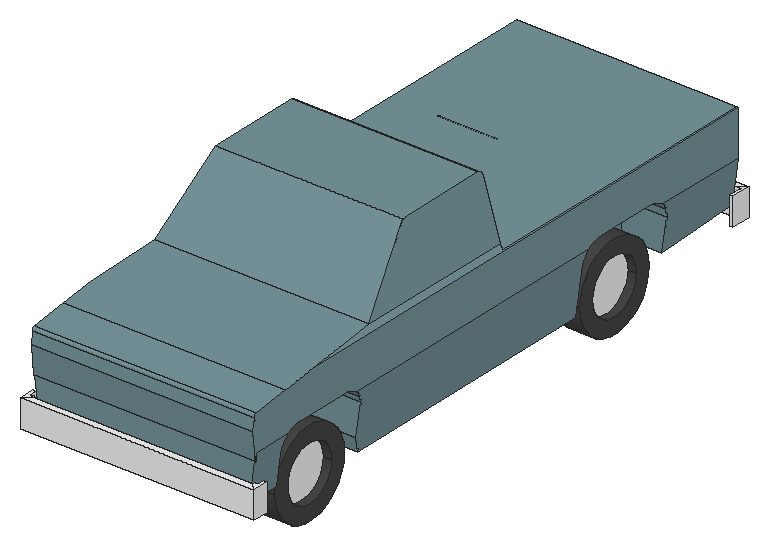
Revit family
Parameters (values of type "Pick-Up Truck")
  Tire Material = Rubber - Black
  Material = Metal - Paint Finish - Blue, Sky
Reference planes
  plane 1 "Center (Front/Back)": x = 32.238
  plane 2: z = 0
  plane 3 "Center (Left/Right)": y = -32.238
  plane 4: y = 3015.762
  plane 5 "3": y = -1962.638
  plane 6 "1": x = -437.77
  plane 7 "2": x = 520.276
  plane 8: z = 623.358
Forms (mm)
  Extrusion 1, solid, material "Metal - Paint Finish - Blue, Sky" <- "Material"
    sketch origin (32.238, -6705.6, 0) x (0, -1, 0) y (0, 0, 1)
      loop
        line (-9721.362, 480.545) -> (-9005.969, 439.398) -> (-9005.969, 710.957) -> (-8993.84, 779.746)
        arc (-8993.84, 779.746) -> (-8917.232, 860.843) -> (-8809.216, 888.734) r 201.433
        line (-8809.216, 888.734) -> (-8402.816, 888.734) -> (-8320.302, 885.146)
        arc (-8320.302, 885.146) -> (-8232.332, 869.271) -> (-8159.052, 818.079) r 208.9
        line (-8159.052, 818.079) -> (-8124.979, 749.922) -> (-8124.979, 336.284) -> (-5882.04, 336.284) -> (-5850.95, 452.314) -> (-5850.95, 731.714) -> (-5837.802, 780.783)
        arc (-5837.802, 780.783) -> (-5760.078, 858.968) -> (-5651.648, 878.887) r 184.537
        line (-5651.648, 878.887) -> (-5230.789, 878.887)
        arc (-5230.789, 878.887) -> (-5090.826, 839.591) -> (-5022.638, 711.2) r 184.723
        line (-5022.638, 711.2) -> (-5022.638, 455.391) -> (-4753.676, 455.391) -> (-4753.676, 779.241) -> (-4729.781, 1006.589) -> (-4742.162, 1107.432)
        arc (-4742.162, 1107.432) -> (-4749.055, 1124.072) -> (-4765.696, 1130.965) r 23.533
        line (-4765.696, 1130.965) -> (-5061.095, 1173.526)
        arc (-5061.095, 1173.526) -> (-5510.341, 1225.952) -> (-5961.758, 1254.122) r 8400.425
        line (-5961.758, 1254.122) -> (-6450.35, 1778) -> (-7227.719, 1778)
        arc (-7227.719, 1778) -> (-7253.459, 1767.99) -> (-7265.674, 1743.221) r 38.1
        line (-7265.674, 1743.221) -> (-7311.52, 1219.2) -> (-9721.362, 1219.2) -> (-9721.362, 480.545)
    from 914.4 to -914.4
  Extrusion 2, solid, material "Rubber - Black" <- "Tire Material"
    sketch origin (-94.762, -1143, 1016) x (0, -1, 0) y (0, 0, 1)
      loop
        circle (-3015.773, -660.4) r 355.6
      loop
        circle (124.538, -660.4) r 355.6
      loop
        circle (124.538, -660.4) r 228.6
      loop
        circle (-3015.773, -660.4) r 228.6
    from 482.6 to 685.8
  Extrusion 3, solid, material "Metal - Paint Finish - Blue, Sky"
    sketch origin (5715, 5562.6, 0) x (1, 0, 0) y (0, 1, 0)
      loop
        line (-6152.77, -3262.231) -> (-6152.77, -4143.221) -> (-5194.724, -4143.221) -> (-5194.724, -3262.231) -> (-6152.77, -3262.231)
    from 623.627 to 595.908
  Sweep 4, solid, material "Metal - Steel"
    path origin (5715, 5562.6, 0) x (1, 0, 0) y (0, 1, 0)
      loop
        line (-6597.162, -7462.219) -> (-6597.162, -7538.419) -> (-4771.875, -7538.419) -> (-4771.875, -7462.219)
    profile origin (0, -1937.719, 0) x (1, 0, 0) y (0, 0, 1)
      loop
        line (-882.162, 394.758) -> (-882.162, 623.358) -> (-932.962, 623.358) -> (-932.962, 394.758) -> (-882.162, 394.758)
  Sweep 5, solid, material "Metal - Steel"
    path origin (5715, 5562.6, 0) x (1, 0, 0) y (0, 1, 0)
      loop
        line (-6597.162, -2659.58) -> (-6597.162, -2546.838) -> (-4771.875, -2546.838) -> (-4771.875, -2659.58)
    profile origin (0, 2959.391, 0) x (-1, 0, 0) y (0, 0, 1)
      loop
        line (882.162, 394.758) -> (932.962, 394.758) -> (932.962, 623.358) -> (882.162, 623.358) -> (882.162, 394.758)
  Extrusion 6, solid, material "Metal - Paint Finish - Blue, Sky"
    sketch origin (520.276, 0, 0) x (0, 1, 0) y (0, 0, 1)
      loop
        line (2300.369, 710.957) -> (2288.24, 779.746)
        arc (2288.24, 779.746) -> (2211.632, 860.843) -> (2103.616, 888.734) r 201.433
        line (2103.616, 888.734) -> (1697.216, 888.734) -> (1614.702, 885.146)
        arc (1614.702, 885.146) -> (1526.732, 869.271) -> (1453.452, 818.079) r 208.9
        line (1453.452, 818.079) -> (1419.379, 749.922) -> (1419.379, 456.934) -> (2300.369, 456.934) -> (2300.369, 710.957)
    from -1005.125 to -958.056
  Extrusion 7, solid, material "Metal - Paint Finish - Blue, Sky"
    sketch origin (520.276, 5562.6, 0) x (0, 1, 0) y (0, 0, 1)
      loop
        line (-3262.231, 710.957) -> (-3274.36, 779.746)
        arc (-3274.36, 779.746) -> (-3350.968, 860.843) -> (-3458.984, 888.734) r 201.433
        line (-3458.984, 888.734) -> (-3865.384, 888.734) -> (-3947.898, 885.146)
        arc (-3947.898, 885.146) -> (-4035.868, 869.271) -> (-4109.148, 818.079) r 208.9
        line (-4109.148, 818.079) -> (-4143.221, 749.922) -> (-4143.221, 456.934) -> (-3262.231, 456.934) -> (-3262.231, 710.957)
    from 0 to 35.322
  Extrusion 8, solid, material "Metal - Steel"
    sketch origin (520.276, 0, 0) x (0, 1, 0) y (0, 0, 1)
      loop
        circle (1872.773, 355.6) r 228.6
      loop
        circle (-1267.538, 355.6) r 228.6
    from -1225.37 to -1097.558
  Extrusion 9, solid, material "Rubber - Black" <- "Tire Material"
    sketch origin (159.238, -1143, 1016) x (0, -1, 0) y (0, 0, -1)
      loop
        circle (-3015.773, 660.4) r 355.6
      loop
        circle (124.538, 660.4) r 355.6
      loop
        circle (124.538, 660.4) r 228.6
      loop
        circle (-3015.773, 660.4) r 228.6
    from 482.6 to 685.8
  Extrusion 10, solid, material "Metal - Steel"
    sketch origin (-455.799, 5562.6, 0) x (0, 1, 0) y (0, 0, -1)
      loop
        circle (-3689.827, -355.6) r 228.6
      loop
        circle (-6830.138, -355.6) r 228.6
    from -1225.37 to -1097.558
  Extrusion 11, void
    sketch origin (0, -1962.638, 0) x (0, 0, 1) y (-1, 0, 0)
      loop
        line (1778, 907.562) -> (305.331, 907.562) -> (305.331, 815.84) -> (854.18, 884.29) -> (1207.088, 884.29) -> (1254.122, 853.203) -> (1778, 735.726) -> (1778, 907.562)
      loop
        line (1778, -972.038) -> (1778, -800.203) -> (1254.122, -917.68) -> (1207.088, -948.767) -> (854.18, -948.767) -> (305.331, -880.317) -> (305.331, -972.038) -> (1778, -972.038)
    from -4978.4 to -10.714
Cuts and joins
  Extrusion 11 cuts Extrusion 1
  Extrusion 11 cuts Extrusion 2
  Extrusion 11 cuts Extrusion 3
  Extrusion 11 cuts Sweep 4
  Extrusion 11 cuts Sweep 5
  Extrusion 11 cuts Extrusion 6
  Extrusion 11 cuts Extrusion 7
  Extrusion 11 cuts Extrusion 8
  Extrusion 11 cuts Extrusion 9
  Extrusion 11 cuts Extrusion 10
Lines and regions (mm)
  Split face 1
    outline origin (-882.162, -743.842, 1254.122) x (1, 0, 0) y (0, 0.682049, 0.731307)
      loop
        line (167.387, 661.115) -> (63.523, 33.933) -> (1765.323, 33.933) -> (1665.987, 661.115) -> (167.387, 661.115)
  Split face 2
    outline origin (-853.203, -1951.924, 1254.122) x (0.218811, 0, 0.975767) y (0, 1, 0)
      loop
        line (23.467, 2458.563) -> (23.467, 1268.787) -> (493.367, 1706.975) -> (493.367, 2417.452) -> (23.467, 2458.563)
  Split face 3
    outline origin (800.203, -1951.924, 1778) x (0.218811, 0, -0.975767) y (0, 1, 0)
      loop
        line (42.865, 2418.047) -> (42.865, 1706.99) -> (512.765, 1268.801) -> (512.765, 2459.158) -> (42.865, 2418.047)
  Split face 4
    outline origin (-882.162, 560.074, 1743.221) x (1, 0, 0) y (0, 0.087156, -0.996195)
      loop
        line (1668.055, 13.322) -> (1761.77, 455.962) -> (67.547, 455.962) -> (167, 13.322) -> (1668.055, 13.322)
  symbolic lines, style "Logistics"
    curve 1: line (-484.849, 2288.24, 0) -> (-802.432, 2288.24, 0)
    curve 2: line (-484.849, 1453.452, 0) -> (-802.432, 1453.452, 0)
    curve 3: line (-484.849, 1453.452, 0) -> (-484.849, 2288.24, 0)
    curve 4: line (-802.432, 605.92, 0) -> (-802.432, 2977.662, 0)
    curve 5: line (866.909, 2977.662, 0) -> (-802.432, 2977.662, 0)
    curve 6: line (549.326, 2288.24, 0) -> (866.909, 2288.24, 0)
    curve 7: line (549.326, 1453.452, 0) -> (866.909, 1453.452, 0)
    curve 8: line (549.326, 1453.452, 0) -> (549.326, 2288.24, 0)
    curve 9: line (866.909, 605.92, 0) -> (866.909, 2977.662, 0)
